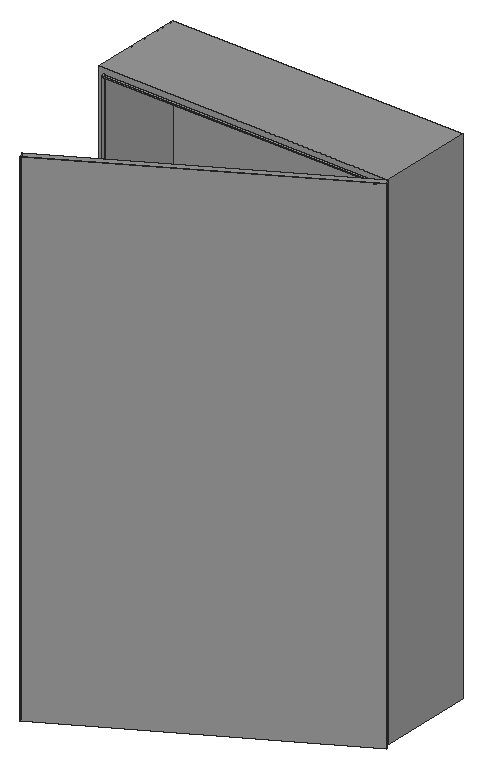
Revit family "Hager-Univers-IP55-D275-H1400-Cl.I-Steel_encl-NoHosted-CH-en", category Equipement électrique, Revit 2020
Family settings
  Configuration du panneau = Deux colonnes, circuits au sein
  Cote de connecteur circulaire = Utiliser le diamètre
  Type d'élément = Tableau de raccordement
  Basée sur le plan de construction = Oui
  Toujours verticalement = Oui
  Couper avec des vides une fois chargée = Non
  Partagée = Non
  Point de calcul de pièce = Non
Parameters (values of type "Surface mounted (plaster) IP55 W800 H1400 D275  - FR93E")
  Width Control [instance] = if([EF000008 - Width] > Min Width, [EF000008 - Width], Min Width)  # 800 mm
  Commentaires du type = [HG000003 - Range]  # "Univers"
  Thickness Door [instance] = if([EF009171 - Material plate thickness door/cover] > 3 mm, 3 mm, [EF009171 - Material plate thickness door/cover])  # 1.5 mm
  Seal Frame Offset [instance] = 17 mm  # constant formula
  Plinth Visibility [instance] = [HG000027 - Plinth height] > 0 mm  # no
  Min Width [instance] = 100 mm  # constant formula
  Min Depth [instance] = (2 * [EF009170 - Material plate thickness cabinet]) + 1 mm  # 4 mm
  Min Height [instance] = 100 mm  # constant formula
  Internal Frame Depth [instance] = (Door System Depth * 0.5)  # 9 mm
  Panel Name [instance] = ""  # (empty or 0)
  Model = ""
  HG000027 - Plinth height = 0 mm
  HG000026 - Floor standing = no
  HG000024 - Bottom section height = 600 mm
  HG000023 - Double section enclosure = no
  HG000016 - Door 3d visibility [instance] = yes
  HG000015 - Clearance visibility [instance] = no
  HG000014 - Door on the right [instance] = yes
  HG000013 - Door on the left [instance] = not([HG000014 - Door on the right])  # no
  HG000012 - Door swing angle [instance] = 30.00°
  HG000010 - Asymmetric doors = no
  HG000009 - Double swing door = no
  HG000006 - Flush mounted = no
  HG000004 - Manufacturer reference = "FR93E"
  HG000003 - Range = "Univers"
  HG000002 - With door or cover = yes
  Frame Offset Bottom [instance] = 10 mm  # constant formula
  Frame Offset [instance] = 15 mm  # constant formula
  EF015940 - Cover with overpressure release = no
  EF011959 - Degree of protection (NEMA) = ""
  EF009554 - Number of openings for flange plates = 6
  EF009212 - Cover model = "EV000116 - Closed"
  EF009171 - Material plate thickness door/cover = 1.5 mm
  EF009170 - Material plate thickness cabinet = 1.5 mm
  EF008873 - Nominal current (In) = 800 A
  EF007800 - Suitable for lightning protection = no
  EF006306 - With lock = no
  EF006244 - Transparent cover/door = no
  EF005474 - Degree of protection (IP) = "EV006420 - IP55"
  EF004464 - Type of door = "EV002646 - Single"
  EF004427 - Number of modules = 324
  EF004293 - Impact strength = "EV008784 - IK10"
  EF003532 - Suitable for outdoor use = no
  EF002950 - Width in number of modular spacings = 24
  EF001613 - Circuit integrity = "EV000494 - None"
  EF001596 - Material housing = "EV000179 - Steel"
  EF001131 - Internal depth = 275 mm
  EF001088 - Extension possible = yes
  EF000437 - Number of conduit inlets = 6
  EF000339 - Type of cover = "EV004216 - Door"
  EF000266 - Number of rows = 9
  EF000218 - Built-in depth = 0 mm
  EF000118 - With mounting plate = no
  EF000116 - RAL-number = "7035"
  EF000049 - Depth = 275 mm
  EF000040 - Height = 1400 mm
  EF000008 - Width = 800 mm
  EF000007 - Colour = "EV000270 - Grey"
  EF000003 - Mounting method = "EV000384 - Surface mounted (plaster)"
  Door System Leaf Tolerance [instance] = 1.5 mm  # constant formula
  Door System Depth [instance] = 18 mm  # constant formula
  Door Height [instance] = Height Control - [HG000027 - Plinth height]  # 1400 mm
  Description = ""
  Default Elevation = 1219.2 mm
  Connector Offset [instance] = Height Control / 2  # 700 mm
  Fabricant = "Hager"  # constant formula
  Height Control [instance] = if([EF000040 - Height] > Min Height, [EF000040 - Height], Min Height)  # 1400 mm
  Depth Control [instance] = if([EF000049 - Depth] > Min Depth, [EF000049 - Depth], Min Depth)  # 275 mm
  Bottom Top Plate Trim [instance] = 1.5 mm  # constant formula
  Plinth height Ctrl [instance] = if([HG000027 - Plinth height] > 0 mm, [HG000027 - Plinth height], 12 mm)  # 12 mm
Types (5, lengths in mm): name | Width Control | HG000010 - Asymmetric doors | HG000009 - Double swing door | HG000004 - Manufacturer reference | EF009554 - Number of openings for flange plates | EF004464 - Type of door | EF004427 - Number of modules | EF000437 - Number of conduit inlets | EF000008 - Width
  Surface mounted (plaster) IP55 W1050 H1400 D275  - FR94E | 1050 | no | yes | "FR94E" | 8 | "EV003602 - Double" | 432 | 8 | 1050
  Surface mounted (plaster) IP55 W1300 H1400 D275  - FR95E | 1300 | yes | yes | "FR95E" | 10 | "EV003602 - Double" | 540 | 10 | 1300
  Surface mounted (plaster) IP55 W300 H1400 D275  - FR91E | 300 | no | no | "FR91E" | 2 | "EV002646 - Single" | 108 | 2 | 300
  Surface mounted (plaster) IP55 W550 H1400 D275  - FR92E | 550 | no | no | "FR92E" | 4 | "EV002646 - Single" | 216 | 4 | 550
  Surface mounted (plaster) IP55 W800 H1400 D275  - FR93E | 800 | no | no | "FR93E" | 6 | "EV002646 - Single" | 324 | 6 | 800
Reference planes
  plane 1 "Center (Front/Back)": y = 0
  plane 2: z = 0
  plane 3 "Center (Left/Right)": x = 0
  plane 4: y = 0
  plane 5: y = 0
  plane 6: z = 0
  plane 7: x = -400
  plane 8: x = 400
  plane 9: x = 398.5
  plane 10: x = -398.5
  plane 11: z = 0
  plane 12: z = 1.5
  plane 13: y = -275
  plane 14: y = -1.5
  plane 15: x = 0
  plane 16: y = -257
  plane 17: y = -273.5
  plane 18: y = -255.5
  plane 19: x = -383.5
  plane 20: x = 383.5
  plane 21: z = 11.5
  plane 22: x = -383
  plane 23: x = 383
  plane 24: z = 0
  plane 25: z = 1400
  plane 26: z = 1400
  plane 27: z = 1383.5
  plane 28: z = 1398.5
Forms (mm)
  Extrusion 1, solid, material "Hager_Steel_RAL7035_Light_Grey", detail levels medium+fine
    sketch origin (-208.679, -4572, 0) x (-1, 0, 0) y (0, -1, 0)
      loop
        line (191.321, -4315) -> (-608.679, -4315) -> (-608.679, -4572) -> (191.321, -4572) -> (191.321, -4315)
    from 0 to 1400
  Extrusion 2, void
    sketch origin (-350.771, -275, 1219.2) x (1, 0, 0) y (0, 0, 1)
      loop
        line (-47.729, 179.3) -> (-47.729, -1217.7) -> (749.271, -1217.7) -> (749.271, 179.3) -> (-47.729, 179.3)
    from -19.5 to -273.5
  Extrusion 3, void
    sketch origin (-290.084, -257, 1219.2) x (1, 0, 0) y (0, 0, 1)
      loop
        line (-93.416, -1207.7) -> (673.584, -1207.7) -> (673.584, 164.3) -> (-93.416, 164.3) -> (-93.416, -1207.7)
    from 0 to -1.5
  Extrusion 4, solid, material "Hager_Steel_RAL7035_Light_Grey", visible <- "Plinth Visibility", detail levels medium+fine
    sketch origin (0, 0, 0) x (1, 0, 0) y (0, 1, 0)
      loop
        line (-400, 0) -> (-400, -257) -> (400, -257) -> (400, 0) -> (-400, 0)
    from 0 to 12 <- "Plinth height Ctrl"
  Extrusion 5, solid, material "Hager_Steel_RAL7035_Light_Grey", detail levels coarse
    sketch origin (0, 0, 0) x (1, 0, 0) y (0, 1, 0)
      loop
        line (-400, 0) -> (-400, -275) -> (400, -275) -> (400, 0) -> (-400, 0)
    from 0 to 1400 <- "Height Control"
  Sweep 6, void
    path in 3D
      loop
        line (-400, -257, 12) -> (400, -257, 12) -> (400, 0, 12) -> (-400, 0, 12) -> (-400, -257, 12)
    profile origin (-400, -128.5, 12) x (1, 0, 0) y (0, 0, 1)
      loop
        line (0, 0) -> (0, -1.5) -> (1.5, -1.5)
        arc (1.5, -1.5) -> (1.061, -0.439) -> (0, 0) r 1.5
  Extrusion 7, solid, material "Hager_Steel_RAL7035_Light_Grey", detail levels fine
    sketch origin (-400, -257, 0) x (1, 0, 0) y (0, 0, 1)
      loop
        line (16.5, 11.5) -> (783.5, 11.5) -> (783.5, 1383.5) -> (16.5, 1383.5) -> (16.5, 11.5)
      loop
        line (15, 10) -> (785, 10) -> (785, 1385) -> (15, 1385) -> (15, 10)
    from 0 to 9 <- "Internal Frame Depth"
Cuts and joins
  Extrusion 2, Extrusion 3 cuts Extrusion 1
  Sweep 6 cuts Extrusion 4
Lines and regions (mm)
  Masking region 1
    outline origin (0, 0, 0) x (1, 0, 0) y (0, 1, 0)
      loop
        line (-400, 0) -> (-400, -275) -> (400, -275) -> (400, 0) -> (-400, 0)
  Masking region 2, detail levels coarse
    outline origin (-290.084, -257, 1219.2) x (-1, 0, 0) y (0, 0, 1)
      loop
        line (-690.084, -1219.2) -> (109.916, -1219.2) -> (109.916, 180.8) -> (-690.084, 180.8) -> (-690.084, -1219.2)
  Masking region 3, detail levels coarse
    outline origin (0, 0, 0) x (0, 1, 0) y (0, 0, 1)
      loop
        line (0, 0) -> (0, 1400) -> (-275, 1400) -> (-275, 0) -> (0, 0)
  Masking region 4, visible <- "Plinth Visibility", detail levels medium+fine
    outline origin (0, 0, 0) x (0, 1, 0) y (0, 0, 1)
      loop
        line (-1.5, 12) -> (-255.5, 12)
        arc (-255.5, 12) -> (-255.939, 10.939) -> (-257, 10.5) r 1.5
        line (-257, 10.5) -> (-257, 0) -> (0, 0) -> (0, 10.5)
        arc (0, 10.5) -> (-1.061, 10.939) -> (-1.5, 12) r 1.5
  Masking region 5, detail levels medium+fine
    outline origin (0, 0, 594.038) x (0, 1, 0) y (0, 0, 1)
      loop
        line (0, -594.038) -> (0, 805.962) -> (-257, 805.962) -> (-257, -594.038) -> (0, -594.038)
  Masking region 6, detail levels medium+fine
    outline origin (-359.7, -257, 1211.883) x (-1, 0, 0) y (0, 0, 1)
      loop
        line (-759.7, -1211.883) -> (40.3, -1211.883) -> (40.3, 188.117) -> (-759.7, 188.117) -> (-759.7, -1211.883)
  Masking region 7, visible <- "Plinth Visibility", detail levels medium+fine
    outline origin (-320.334, -257, 1041.368) x (-1, 0, 0) y (0, 0, 1)
      loop
        line (-720.334, -1041.368) -> (79.666, -1041.368) -> (79.666, -1030.868)
        arc (79.666, -1030.868) -> (78.606, -1030.429) -> (78.166, -1029.368) r 1.5
        line (78.166, -1029.368) -> (-718.834, -1029.368)
        arc (-718.834, -1029.368) -> (-719.273, -1030.429) -> (-720.334, -1030.868) r 1.5
        line (-720.334, -1030.868) -> (-720.334, -1041.368)
  sketch lines
    curve 1: line (-400, 0, 12) -> (-400, -257, 12)
    curve 2: line (-400, -257, 12) -> (400, -257, 12)
    curve 3: line (400, 0, 12) -> (-400, 0, 12)
    curve 4: line (400, -257, 12) -> (400, 0, 12)
Dimensions and locks
  locked: plane 1 "Center (Front/Back)" to plane 5
  "EF009170 - Material plate thickness cabinet": plane 7 to plane 10
  "EF009170 - Material plate thickness cabinet": plane 8 to plane 9
  equal spacing: plane 7, plane 3 "Center (Left/Right)", plane 8
  "Width Control": plane 7 to plane 8
  "Depth Control": plane 4 to plane 13
  "EF009170 - Material plate thickness cabinet": plane 4 to plane 14
  "Height Control": plane 25 to level
  "HG000027 - Plinth height": plane 11 to level
  "EF009170 - Material plate thickness cabinet": plane 12 to plane 11
  "EF009170 - Material plate thickness cabinet": plane 17 to plane 13
  "EF009170 - Material plate thickness cabinet": plane 18 to plane 16
  "Frame Offset Bottom": plane 21 to plane 12
  "Frame Offset": plane 10 to plane 19
  "Frame Offset": plane 9 to plane 20
  "Door System Depth": plane 16 to plane 13
  "Seal Frame Offset": plane 7 to plane 22
  "Seal Frame Offset": plane 8 to plane 23
  "EF009170 - Material plate thickness cabinet": plane 26 to plane 28
  "Frame Offset": plane 28 to plane 27
  "Connector Offset": plane 2 to connector elem
  "Bottom Top Plate Trim": profile plane to Sweep 6 sketch curve
  "Bottom Top Plate Trim": Sweep 6 sketch curve to Sweep 6 sketch curve
  "Plinth height Ctrl": Masking region 4 sketch curve to level
  "Plinth height Ctrl": Masking region 7 sketch curve to level
  "Thickness Door": Extrusion 7 sketch curve to Extrusion 7 sketch curve  (x4)
  "Bottom Top Plate Trim": radius of Sweep 6 sketch curve
  "Bottom Top Plate Trim": radius of Masking region 4 sketch curve  (x2)
  "Bottom Top Plate Trim": radius of Masking region 7 sketch curve  (x2)
  aligned and locked: Extrusion 2 sketch curve to plane 12
  aligned and locked: Extrusion 2 sketch curve to plane 9
  aligned and locked: Extrusion 2 sketch curve to plane 10
  aligned and locked: Extrusion 2 to plane 14
  aligned and locked: Extrusion 1 sketch curve to plane 4
  aligned and locked: plane 8 to Extrusion 1 sketch curve
  aligned and locked: plane 7 to Extrusion 1 sketch curve
  aligned and locked: Extrusion 2 to plane 18
  aligned and locked: Extrusion 3 sketch curve to plane 19
  aligned and locked: plane 20 to Extrusion 3 sketch curve
  aligned and locked: Extrusion 3 to Extrusion 2
  aligned and locked: Extrusion 3 sketch curve to plane 21
  aligned and locked: plane 3 "Center (Left/Right)" to nested 1
  aligned and locked: Extrusion 1 sketch curve to plane 16
  aligned and locked: Extrusion 4 sketch curve to cut or joined group of Extrusion 1, Extrusion 2, Extrusion 3
  aligned and locked: Masking region 1 sketch curve to plane 7
  aligned and locked: Masking region 1 sketch curve to plane 5
  aligned and locked: Masking region 1 sketch curve to plane 8
  aligned and locked: Masking region 2 sketch curve to level
  aligned and locked: level to Masking region 3 sketch curve
  aligned and locked: plane 1 "Center (Front/Back)" to Masking region 3 sketch curve
  aligned and locked: plane 13 to Masking region 3 sketch curve
  aligned and locked: plane 5 to Masking region 4 sketch curve
  aligned and locked: Masking region 2 sketch curve to plane 8
  aligned and locked: Masking region 2 sketch curve to plane 7
  aligned and locked: plane 7 to nested 2
  aligned and locked: nested 2 to plane 5
  aligned and locked: plane 5 to Masking region 5 sketch curve
  aligned and locked: plane 26 to Masking region 5 sketch curve
  aligned and locked: Extrusion 5 sketch curve to plane 8
  aligned and locked: Extrusion 5 sketch curve to plane 7
  aligned and locked: Extrusion 5 sketch curve to plane 5
  aligned and locked: Extrusion 3 sketch curve to plane 27
  aligned and locked: Extrusion 2 sketch curve to plane 28
  aligned and locked: Masking region 2 to plane 25
  aligned and locked: Extrusion 4 to plane 16
  aligned and locked: profile plane to Sweep 6 sketch curve
  aligned and locked: Masking region 5 sketch curve to plane 24
  aligned and locked: level to Masking region 4 sketch curve
  aligned and locked: Masking region 1 to plane 13
  aligned and locked: nested 1 to plane 16
  aligned and locked: Masking region 3 to plane 25
  aligned and locked: plane 16 to Masking region 4 sketch curve
  aligned and locked: Masking region 5 sketch curve to plane 16
  aligned and locked: plane 24 to plane 11
  aligned and locked: plane 26 to plane 25
  aligned and locked: plane 26 to cut or joined group of Extrusion 1, Extrusion 2, Extrusion 3
  aligned and locked: nested 1 to plane 24
  aligned and locked: Extrusion 1 to Extrusion 3
  aligned and locked: Masking region 6 sketch curve to plane 8
  aligned and locked: Masking region 6 sketch curve to plane 24
  aligned and locked: Masking region 6 sketch curve to plane 7
  aligned and locked: Masking region 6 sketch curve to plane 26
  aligned and locked: Masking region 7 sketch curve to plane 7
  aligned and locked: level to Masking region 7 sketch curve
  aligned and locked: Masking region 7 sketch curve to plane 8
  aligned and locked: Extrusion 7 sketch curve to cut or joined group of Extrusion 1, Extrusion 2, Extrusion 3  (x4)
Automatic sketch dimensions
  plane 19 to Extrusion 3 sketch curve = 0 mm
  Extrusion 3 sketch curve to plane 20 = 0 mm
  Extrusion 3 sketch curve to plane 21 = 0 mm
  Extrusion 4 sketch curve to plane 7 = 0 mm
  Extrusion 4 sketch curve to plane 8 = 0 mm
  Extrusion 4 sketch curve to plane 16 = 0 mm
  Masking region 1 sketch curve to plane 13 = 0 mm
  Masking region 2 sketch curve to plane 25 = 0 mm
  Masking region 3 sketch curve to plane 25 = 0 mm
  Extrusion 5 sketch curve to plane 13 = 0 mm
  profile plane to Sweep 6 sketch curve = 0 mm
Nested families
  nested 1: "EC000058_Univers_Door" at (0, -257, 0), Double <- "HG000009 - Double swing door", Transparent <- "EF006244 - Transparent cover/door", Angle <- "HG000012 - Door swing angle", Door_Right <- "HG000014 - Door on the right", Assymetrical <- "HG000010 - Asymmetric doors", Door <- "HG000002 - With door or cover", Width_Ctrl <- "Width Control", 3d_Door <- "HG000016 - Door 3d visibility", Clearance <- "HG000015 - Clearance visibility", Door_Left <- "HG000013 - Door on the left", Width <- "Width Control", Door_Depth <- "Door System Depth", Leaf_Tolerance <- "Door System Leaf Tolerance", Height <- "Door Height", Lock_Visibility <- "EF006306 - With lock", Thickness <- "Thickness Door", type "EC000058_Univers_Door", detail levels medium+fine
    with min_wh 4 mm, Width_Ctrl 800 mm, Width 800 mm, Transparent no, Thickness 1.5 mm, Seal_Material Hager_Rubber, Lock_Visibility no, Lock_Material Hager_Plastic_RAL9005_Jet_Black, Leaf_Width 800 mm, Leaf_Tolerance_External_Sides 0 mm, Leaf_Tolerance 1.5 mm, Leaf_Offset 0 mm, Leaf_Height 1397 mm, Leaf_2_Width 800 mm, Leaf_2_Offset 400 mm, Leaf_1_Width 800 mm, Leaf_1_Offset 400 mm, Height_Ctrl 1400 mm, Height 1400 mm, Glass_Material Hager_Glass, Double_Clearance_Ctrl no, Double no, Door_Right_Ctrl yes, Door_Right yes, Door_Material Hager_Steel_RAL7035_Light_Grey, Door_Left_Ctrl no, Door_Left no, Door_Depth 18 mm, Door yes, Clearance_Material Hager_Clearance, Clearance_Depth 800 mm, Clearance_Ctrl no, Clearance no, Assymetrical no, Angle 30.00°, 3d_Door yes
  nested 2: "Hager_Enclosure_Symbol" at (-400, 0, 0), Height <- "Depth Control", Width <- "Width Control", type "Hager_Enclosure_Symbol"
    with Width_Ctrl 800 mm, Width 800 mm, Height_Ctrl 275 mm, Height 275 mm, A_Width_Int 18.047 mm, A_Width 216.562 mm, A_Height_Ctrl 240.625 mm, A_Height 240.625 mm
Connectors
  electrical at (0, 0, 700)
    settings: on plane 1 "Center (Front/Back)", index 1, voltage 0 V, apparent load 0 VA, apparent load phase1 0 VA, apparent load phase2 0 VA, apparent load phase3 0 VA, power factor 1, load classification "Other", number of poles 1, system type 30, power factor state 1, is connector primary yes, connector utility no, sub classification motor no, connector description ""
Definition of nested family "EC000058_Univers_Door"
  Parameters (values of type "EC000058_Univers_Door")
    min_wh [instance] = (2 * Thickness) + 1 mm  # 11 mm
    Width_Ctrl [instance] = 400 mm
    Width [instance] = 500 mm
    Transparent [instance] = yes
    Thickness [instance] = 5 mm
    Seal_Material [instance] = none
    Lock_Visibility [instance] = yes
    Lock_Material [instance] = none
    Leaf_Width [instance] = if((Width_Ctrl - 2 * Leaf_Tolerance_External_Sides) > 0 mm, (Width_Ctrl - 2 * Leaf_Tolerance_External_Sides), min_wh)  # 400 mm
    Leaf_Tolerance_External_Sides [instance] = 0 mm  # constant formula
    Leaf_Tolerance [instance] = 1.5 mm
    Leaf_Offset [instance] = 0 mm  # constant formula
    Leaf_Height [instance] = if((Height_Ctrl - 2 * Leaf_Tolerance) > 0 mm, (Height_Ctrl - 2 * Leaf_Tolerance), min_wh)  # 497 mm
    Leaf_2_Width [instance] = if(and(and(Double, Assymetrical), Door_Left), (Leaf_Width / 3) - (Leaf_Tolerance / 2), if(and(and(Double, Assymetrical), Door_Right), (Leaf_Width / 3) * 2 - (Leaf_Tolerance / 2), if(and(Double, not(Assymetrical)), (Leaf_Width / 2) - Leaf_Tolerance, Leaf_Width)))  # 400 mm
    Leaf_2_Offset [instance] = if(and(Double, Assymetrical), Leaf_2_Width / 2, if(and(Double, not(Assymetrical)), Leaf_Width / 4, Leaf_Width / 2))  # 200 mm
    Leaf_1_Width [instance] = if(and(and(Double, Assymetrical), Door_Right), (Leaf_Width / 3) - (Leaf_Tolerance / 2), if(and(and(Double, Assymetrical), Door_Left), (Width / 3) * 2 - (Leaf_Tolerance / 2), if(and(Double, not(Assymetrical)), (Leaf_Width / 2) - Leaf_Tolerance, Leaf_Width)))  # 400 mm
    Leaf_1_Offset [instance] = if(and(Double, Assymetrical), Leaf_1_Width / 2, if(and(Double, not(Assymetrical)), Leaf_Width / 4, Leaf_Width / 2))  # 200 mm
    Height_Ctrl [instance] = if(Height > min_wh, Height, min_wh)  # 500 mm
    Height [instance] = 500 mm
    Glass_Material [instance] = none
    Double_Clearance_Ctrl [instance] = and(Double, Clearance)  # no
    Double [instance] = no
    Door_Right_Ctrl [instance] = and(or(Door_Right, Double), Door)  # yes
    Door_Right [instance] = yes
    Door_Material [instance] = none
    Door_Left_Ctrl [instance] = and(or(Door_Left, Double), Door)  # no
    Door_Left [instance] = no
    Door_Depth [instance] = 30 mm
    Door [instance] = yes
    Default Elevation = 1219.2 mm
    Clearance_Material [instance] = none
    Clearance_Depth [instance] = if(Leaf_1_Width > Leaf_2_Width, Leaf_1_Width, Leaf_2_Width)  # 400 mm
    Clearance_Ctrl [instance] = and(not(Double), Clearance)  # yes
    Clearance [instance] = yes
    Assymetrical [instance] = yes
    Angle [instance] = 30.00°
    3d_Door [instance] = yes
  Reference planes
    plane 1 "Center (Front/Back)": y = 0
    plane 2 "Bottom": z = 0
    plane 3 "Center (Left/Right)": x = 0
    plane 4: z = 500
    plane 5: x = -200
    plane 6: x = 200
    plane 7: z = 500
    plane 8: x = -200
    plane 9: z = 0
    plane 10: x = 200
    plane 11: y = 0
    plane 12: z = 1.5
    plane 13: x = -600
    plane 14: y = -400
    plane 15: x = 600
    plane 16: x = 0
    plane 17: x = 0
    plane 18: x = -200
    plane 19: x = 200
    plane 20: z = 498.5
  Forms (mm)
    Extrusion 1, solid, material <- "Clearance_Material", visible <- "Double_Clearance_Ctrl"
      sketch origin (1200, 0, 0) x (1, 0, 0) y (0, 0, -1)
        loop
          line (-1800, -498.5) -> (-600, -498.5) -> (-600, 0) -> (-1800, 0) -> (-1800, -498.5)
      from 0 to -400
  Dimensions and locks
    equal spacing: plane 5, plane 3 "Center (Left/Right)", plane 6
    "Width_Ctrl": plane 5 to plane 6
    "Leaf_Offset": plane 5 to plane 8
    "Leaf_Offset": plane 6 to plane 10
    "Leaf_Offset": plane 9 to level
    "Leaf_Offset": plane 4 to plane 7
    "Height_Ctrl": plane 4 to level
    "Leaf_Tolerance": plane 12 to plane 9
    locked: plane 11 to plane 1 "Center (Front/Back)"
    "Leaf_1_Offset": plane 18 to plane 16
    "Leaf_2_Offset": plane 17 to plane 19
    "Leaf_1_Width": plane 13 to plane 8
    "Leaf_2_Width": plane 10 to plane 15
    "Clearance_Depth": plane 14 to plane 1 "Center (Front/Back)"
    "Leaf_Tolerance_External_Sides": plane 8 to plane 18
    "Leaf_Tolerance_External_Sides": plane 19 to plane 10
    "Leaf_Tolerance": plane 7 to plane 20
    aligned and locked: level to plane 2 "Bottom"
    aligned and locked: nested 1 to plane 16
    aligned and locked: nested 2 to plane 17
    aligned and locked: Extrusion 1 to plane 13
    aligned and locked: plane 15 to Extrusion 1
    aligned and locked: Extrusion 1 to plane 14
    aligned and locked: plane 12 to nested 1
    aligned and locked: nested 2 to plane 12
    aligned and locked: Extrusion 1 to plane 11
    aligned and locked: plane 20 to Extrusion 1
    aligned and locked: nested 2 to plane 11
    aligned and locked: nested 1 to plane 11
  Automatic sketch dimensions
    Extrusion 1 sketch curve to level = 0 mm
    plane 5 to Extrusion 1 sketch curve = 400 mm
    plane 6 to Extrusion 1 sketch curve = 400 mm
    Extrusion 1 sketch curve to plane 4 = 1.5 mm
  Nested families
    nested 1: "EC000058_Univers_Door_Leaf" at (0, 0, 1.5), Width <- "Leaf_1_Width", visible <- "Door_Left_Ctrl", Leaf_Height <- "Leaf_Height", Angle <- "Angle", 3d_Door <- "3d_Door", Transparent <- "Transparent", Clearance Material <- "Clearance_Material", Clearance <- "Clearance_Ctrl", Door_Material <- "Door_Material", Glass_Material <- "Glass_Material", Door_Depth <- "Door_Depth", Lock_Material <- "Lock_Material", Seal_Material <- "Seal_Material", Lock_Visibility <- "Lock_Visibility", Thickness <- "Thickness", type "EC000058_Univers_Door_Leaf"
      with Width 400 mm, Transparent_Glass_Offset 30 mm, Transparent_Ctrl yes, Transparent yes, Thickness 5 mm, Standard no, Seal_Material none, Seal_D2 8 mm, Seal_D1 1 mm, Offset_Internal_Frame 10 mm, Lock_Width 20 mm, Lock_Visibility_3d yes, Lock_Visibility yes, Lock_Thickness_3 3 mm, Lock_Thickness_2 1 mm, Lock_Thickness_1 3 mm, Lock_Radius_Offset_2 16 mm, Lock_Radius_Offset_1 15 mm, Lock_Radius_2 5 mm, Lock_Radius 6 mm, Lock_Offset 5 mm, Lock_Material none, Lock_Height 80 mm, Lock_Cover_Top_Offset_2d 17 mm, Lock_Cover_Height -65 mm, Leaf_Height 497 mm, Internal_Seal_Thickness 8 mm, Internal_Seal_Depth_2 4.5 mm, Internal_Frame_Depth 25 mm, Glass_Thickness -1 mm, Glass_Offset -2 mm, Glass_Material none, Door_Material none, Door_Depth 30 mm, Clearance Material none, Clearance yes, Angle_Ctrl 30.00°, Angle 30.00°, 3d_Door yes
    nested 2: "EC000058_Univers_Door_Leaf" at (0, 0, 1.5) x (-1, 0, 0) z (0, 0, 1), Width <- "Leaf_2_Width", visible <- "Door_Right_Ctrl", Leaf_Height <- "Leaf_Height", Angle <- "Angle", 3d_Door <- "3d_Door", Transparent <- "Transparent", Clearance Material <- "Clearance_Material", Clearance <- "Clearance_Ctrl", Door_Material <- "Door_Material", Glass_Material <- "Glass_Material", Door_Depth <- "Door_Depth", Lock_Material <- "Lock_Material", Seal_Material <- "Seal_Material", Lock_Visibility <- "Lock_Visibility", Thickness <- "Thickness", type "EC000058_Univers_Door_Leaf"
      with Width 400 mm, Transparent_Glass_Offset 30 mm, Transparent_Ctrl yes, Transparent yes, Thickness 5 mm, Standard no, Seal_Material none, Seal_D2 8 mm, Seal_D1 1 mm, Offset_Internal_Frame 10 mm, Lock_Width 20 mm, Lock_Visibility_3d yes, Lock_Visibility yes, Lock_Thickness_3 3 mm, Lock_Thickness_2 1 mm, Lock_Thickness_1 3 mm, Lock_Radius_Offset_2 16 mm, Lock_Radius_Offset_1 15 mm, Lock_Radius_2 5 mm, Lock_Radius 6 mm, Lock_Offset 5 mm, Lock_Material none, Lock_Height 80 mm, Lock_Cover_Top_Offset_2d 17 mm, Lock_Cover_Height -65 mm, Leaf_Height 497 mm, Internal_Seal_Thickness 8 mm, Internal_Seal_Depth_2 4.5 mm, Internal_Frame_Depth 25 mm, Glass_Thickness -1 mm, Glass_Offset -2 mm, Glass_Material none, Door_Material none, Door_Depth 30 mm, Clearance Material none, Clearance yes, Angle_Ctrl 30.00°, Angle 30.00°, 3d_Door yes
  Definition of nested family "EC000058_Univers_Door_Leaf"
    Parameters (values of type "EC000058_Univers_Door_Leaf")
      Width [instance] = 2000 mm
      Transparent_Glass_Offset [instance] = 30 mm
      Transparent_Ctrl [instance] = and(Transparent, [3d_Door])  # yes
      Transparent [instance] = yes
      Thickness [instance] = 5 mm
      Standard [instance] = and(not(Transparent), [3d_Door])  # no
      Seal_Material [instance] = none
      Seal_D2 [instance] = 8 mm  # constant formula
      Seal_D1 [instance] = 1 mm  # constant formula
      Offset_Internal_Frame [instance] = 10 mm  # constant formula
      Lock_Width [instance] = 20 mm  # constant formula
      Lock_Visibility_3d [instance] = and(Lock_Visibility, [3d_Door])  # yes
      Lock_Visibility [instance] = yes
      Lock_Thickness_3 [instance] = 3 mm  # constant formula
      Lock_Thickness_2 [instance] = 1 mm  # constant formula
      Lock_Thickness_1 [instance] = 3 mm  # constant formula
      Lock_Radius_Offset_2 [instance] = Lock_Radius_Offset_1 + 1 mm  # 16 mm
      Lock_Radius_Offset_1 [instance] = 15 mm  # constant formula
      Lock_Radius_2 [instance] = Lock_Radius - 1 mm  # 5 mm
      Lock_Radius [instance] = 6 mm  # constant formula
      Lock_Offset [instance] = 5 mm  # constant formula
      Lock_Material [instance] = none
      Lock_Height [instance] = 80 mm  # constant formula
      Lock_Cover_Top_Offset_2d [instance] = Lock_Radius_Offset_2 + 1 mm  # 17 mm
      Lock_Cover_Height [instance] = -(Lock_Height - Lock_Radius_Offset_1)  # -65 mm
      Leaf_Height [instance] = 2720.336 mm
      Internal_Seal_Thickness [instance] = 8 mm  # constant formula
      Internal_Seal_Depth_2 [instance] = 4.5 mm  # constant formula
      Internal_Frame_Depth [instance] = if(Door_Depth - Thickness > 5 mm, Door_Depth - Thickness, 5 mm)  # 25 mm
      Glass_Thickness [instance] = if(Thickness > 15 mm, Glass_Offset + 10 mm, -1 mm)  # -1 mm
      Glass_Offset [instance] = if(Thickness > 15 mm, -(Thickness + 10 mm) / 2, -2 mm)  # -2 mm
      Glass_Material [instance] = none
      Door_Material [instance] = none
      Door_Depth [instance] = 30 mm
      Default Elevation = 0 mm
      Clearance Material [instance] = none
      Clearance [instance] = yes
      Angle_Ctrl [instance] = if(Angle > 180.00°, 180.00°, Angle)  # 90.00°
      Angle [instance] = 90.00°
      3d_Door [instance] = yes
    Reference planes
      plane 1 "Center (Front/Back)": y = 0
      plane 2: z = 0
      plane 3 "Center (Left/Right)": x = 0
      plane 4: y = 2000
      plane 5: x = -1000
      plane 6: x = 1000
      plane 7: x = -3000
      plane 8: z = 2720.336
      plane 9: z = 30
      plane 10: z = 2690.336
      plane 11: x = 970
      plane 12: x = -970
      plane 13: y = -3
      plane 14: z = 107.833
      plane 15: y = -5
      plane 16: y = -223.314
      plane 17: x = -1000
      plane 18: z = 1360.168
      plane 19: y = 30
    Forms (mm)
      Extrusion 1, solid, material <- "Clearance Material", visible <- "Clearance"
        sketch origin (0, 0, 0) x (1, 0, 0) y (0, 0, 1)
          loop
            line (-3000, 2720.336) -> (-3000, 0) -> (1000, 0) -> (1000, 2720.336) -> (-3000, 2720.336)
        from 0 to -2000
      Extrusion 2, solid, material <- "Door_Material", visible <- "Standard", detail levels medium+fine
        sketch origin (-1000, 0, 0) x (0, 1, 0) y (-1, 0, 0)
          loop
            line (0, 30) -> (0, 25) -> (2000, 25) -> (2000, 30) -> (0, 30)
        from 0 to 2720.336 <- "Leaf_Height"
      Extrusion 3, solid, material <- "Door_Material", visible <- "Transparent_Ctrl", detail levels medium+fine
        sketch origin (-1000, 0, 0) x (0, 1, 0) y (-1, 0, 0)
          loop
            line (0, 25) -> (2000, 25) -> (2000, 30) -> (0, 30) -> (0, 25)
        from 0 to 2720.336 <- "Leaf_Height"
      Extrusion 4, void
        sketch origin (-1025, 2000, 0) x (0, 1, 0) y (0, 0, -1)
          loop
            line (-30, -2690.336) -> (-30, -30) -> (-1970, -30) -> (-1970, -2690.336) -> (-30, -2690.336)
        from 0 to 5 <- "Thickness"
      Sweep 5, solid, material <- "Seal_Material", visible <- "Transparent_Ctrl", detail levels fine
        path in 3D
          loop
            line (-1025, 30, 30) -> (-1025, 30, 2690.336) -> (-1025, 1970, 2690.336) -> (-1025, 1970, 30) -> (-1025, 30, 30)
        profile origin (-1025, 1000, 30) x (1, 0, 0) y (0, 0, 1)
          loop
            line (0, 0) -> (0, -8) -> (1, -8) -> (1, 0) -> (0, 0)
      Extrusion 6, solid, material <- "Glass_Material", visible <- "Transparent_Ctrl", detail levels medium+fine
        sketch origin (-1030, 0, 0) x (0, 1, 0) y (0, 0, -1)
          loop
            line (1970, -2690.336) -> (1970, -30) -> (30, -30) -> (30, -2690.336) -> (1970, -2690.336)
        from -2 <- "Glass_Offset" to -1 <- "Glass_Thickness"
      Extrusion 7, solid, material <- "Door_Material", visible <- "3d_Door", detail levels medium+fine
        sketch origin (-1025, 2000, 0) x (0, -1, 0) y (0, 0, -1)
          loop
            line (0, -2720.336) -> (2000, -2720.336) -> (2000, 0) -> (0, 0) -> (0, -2720.336)
          loop
            line (1995, -5) -> (5, -5) -> (5, -2715.336) -> (1995, -2715.336) -> (1995, -5)
        from 0 to 25 <- "Internal_Frame_Depth"
      Sweep 8, solid, material <- "Seal_Material", visible <- "Transparent_Ctrl", detail levels fine
        path in 3D
          loop
            line (-1025, 0, 0) -> (-1025, 2000, 0) -> (-1025, 2000, 2720.336) -> (-1025, 0, 2720.336) -> (-1025, 0, 0)
        profile origin (-1025, 0, 1360.168) x (1, 0, 0) y (0, 1, 0)
          loop
            line (0, 10) -> (2.975, 10)
            arc (2.975, 10) -> (4.053, 10.447) -> (4.5, 11.525) r 1.525
            line (4.5, 11.525) -> (4.5, 16.527)
            arc (4.5, 16.527) -> (4.069, 17.569) -> (3.027, 18) r 1.473
            line (3.027, 18) -> (0, 18) -> (0, 10)
      Extrusion 9, solid, material <- "Lock_Material", visible <- "Lock_Visibility_3d", detail levels fine
        sketch origin (-1030, 0, 0) x (0, 1, 0) y (0, 0, -1)
          loop
            arc (1993.5, -1400.168) -> (1994.561, -1399.729) -> (1995, -1398.668) r 1.5
            line (1995, -1398.668) -> (1995, -1320.168) -> (1975, -1320.168) -> (1975, -1398.668)
            arc (1975, -1398.668) -> (1975.439, -1399.729) -> (1976.5, -1400.168) r 1.5
            line (1976.5, -1400.168) -> (1993.5, -1400.168)
        from 3 <- "Lock_Thickness_1" to 0
      Blend 10, solid, material <- "Lock_Material", visible <- "Lock_Visibility_3d", detail levels fine
        base sketch origin (-1033, 0, 0) x (0, 1, 0) y (0, 0, -1)
          loop
            line (1975, -1320.168) -> (1975, -1398.668)
            arc (1975, -1398.668) -> (1975.439, -1399.729) -> (1976.5, -1400.168) r 1.5
            line (1976.5, -1400.168) -> (1993.5, -1400.168)
            arc (1993.5, -1400.168) -> (1994.561, -1399.729) -> (1995, -1398.668) r 1.5
            line (1995, -1398.668) -> (1995, -1320.168) -> (1975, -1320.168)
        top sketch origin (-1033, 0, 0) x (0, 1, 0) y (0, 0, -1)
          loop
            line (1976, -1320.168) -> (1976, -1398.668)
            arc (1976, -1398.668) -> (1976.146, -1399.022) -> (1976.5, -1399.168) r 0.5
            line (1976.5, -1399.168) -> (1993.5, -1399.168)
            arc (1993.5, -1399.168) -> (1993.854, -1399.022) -> (1994, -1398.668) r 0.5
            line (1994, -1398.668) -> (1994, -1320.168) -> (1976, -1320.168)
        from 0 to 1 <- "Lock_Thickness_2"
      Blend 11, solid, material <- "Lock_Material", visible <- "Lock_Visibility_3d", detail levels fine
        base sketch origin (-1034, 0, 0) x (0, 1, 0) y (0, 0, -1)
          loop
            line (1978, -1320.168) -> (1978, -1384.168)
            arc (1978, -1384.168) -> (1985, -1391.168) -> (1992, -1384.168) r 7
            line (1992, -1384.168) -> (1992, -1320.168) -> (1978, -1320.168)
        top sketch origin (-1034, 0, 0) x (0, 1, 0) y (0, 0, -1)
          loop
            line (1991, -1320.168) -> (1979, -1320.168) -> (1979, -1383.168)
            arc (1979, -1383.168) -> (1985, -1389.168) -> (1991, -1383.168) r 6
            line (1991, -1383.168) -> (1991, -1320.168)
        from 0 to 3 <- "Lock_Thickness_3"
      Extrusion 12, solid, material <- "Lock_Material", visible <- "Lock_Visibility_3d", detail levels fine
        sketch origin (-1030, 1975, 1320.168) x (1, 0, 0) y (0, -1, 0)
          loop
            line (-7, -19) -> (-7, -1) -> (0, -1) -> (0, 0) -> (-8, 0) -> (-8, -20) -> (0, -20) -> (0, -19) -> (-7, -19)
        from 0 to -65 <- "Lock_Cover_Height"
      Extrusion 13, void
        sketch origin (-1038, 1995, 1320.168) x (-1, 0, 0) y (0, 0, -1)
          loop
            line (-5, -65) -> (0, -65) -> (-5, -60) -> (-5, -65)
        from 0 to 20 <- "Lock_Width"
      Extrusion 14, void
        sketch origin (-1038, 1975, 1320.168) x (0, -1, 0) y (0, 0, -1)
          loop
            circle (-10, -15.995) r 6
          loop
            circle (-10, -15.995) r 5
        from 0 to 2
      Extrusion 15, solid, material <- "Lock_Material", visible <- "Lock_Visibility_3d", detail levels medium
        sketch origin (-1030, 0, 0) x (0, 1, 0) y (0, 0, -1)
          loop
            arc (1993.5, -1400.168) -> (1994.561, -1399.729) -> (1995, -1398.668) r 1.5
            line (1995, -1398.668) -> (1995, -1320.168) -> (1975, -1320.168) -> (1975, -1398.668)
            arc (1975, -1398.668) -> (1975.439, -1399.729) -> (1976.5, -1400.168) r 1.5
            line (1976.5, -1400.168) -> (1993.5, -1400.168)
        from 8 to 0
    Cuts and joins
      Extrusion 4 cuts Extrusion 3
      Extrusion 13, Extrusion 14 cuts Extrusion 9
      Extrusion 14 cuts Blend 11
      Extrusion 13, Extrusion 14 cuts Extrusion 12
      joined: Extrusion 9, Blend 10, Blend 11, Extrusion 12
      Extrusion 14 cuts Extrusion 15
    Lines and regions (mm)
      Masking region 1, visible <- "Lock_Visibility", detail levels fine
        outline origin (0, 0, 0) x (0, 1, 0) y (0, 0, 1)
          loop
            line (30, 1320.168) -> (33, 1320.168) -> (33, 1400.168) -> (30, 1400.168) -> (30, 1320.168)
      Masking region 2, visible <- "Lock_Visibility", detail levels fine
        outline origin (0, 3.143, 0) x (0, 1, 0) y (0, 0, 1)
          loop
            line (29.857, 1354.168) -> (30.857, 1354.168) -> (30.857, 1366.168) -> (29.857, 1366.168) -> (29.857, 1354.168)
      Masking region 3, detail levels medium+fine
        outline origin (0, 0, 0) x (0, 1, 0) y (0, 0, 1)
          loop
            line (0, 0) -> (30, 0) -> (30, 2720.336) -> (0, 2720.336) -> (0, 0)
      Masking region 4, detail levels medium+fine
        outline origin (0, 0, 0) x (1, 0, 0) y (0, 0, 1)
          loop
            line (-1000, 2720.336) -> (-1000, 0) -> (1000, 0) -> (1000, 2720.336) -> (-1000, 2720.336)
      Masking region 5, visible <- "Lock_Visibility", detail levels fine
        outline origin (-47.116, 0, 0) x (1, 0, 0) y (0, 0, 1)
          loop
            arc (1024.616, 1399.168) -> (1023.556, 1398.729) -> (1023.116, 1397.668) r 1.5
            line (1023.116, 1397.668) -> (1023.116, 1320.168) -> (1041.116, 1320.168) -> (1041.116, 1397.668)
            arc (1041.116, 1397.668) -> (1040.677, 1398.729) -> (1039.616, 1399.168) r 1.5
            line (1039.616, 1399.168) -> (1024.616, 1399.168)
      Masking region 6, visible <- "Lock_Visibility", detail levels medium+fine
        outline origin (-25, 0, 0) x (1, 0, 0) y (0, 0, 1)
          loop
            arc (1001.5, 1400.168) -> (1000.439, 1399.729) -> (1000, 1398.668) r 1.5
            line (1000, 1398.668) -> (1000, 1320.168) -> (1020, 1320.168) -> (1020, 1398.668)
            arc (1020, 1398.668) -> (1019.561, 1399.729) -> (1018.5, 1400.168) r 1.5
            line (1018.5, 1400.168) -> (1001.5, 1400.168)
      Masking region 7, visible <- "Lock_Visibility", detail levels fine
        outline origin (-73.735, 0, 0) x (1, 0, 0) y (0, 0, 1)
          loop
            line (1051.735, 1382.168) -> (1065.735, 1382.168) -> (1065.735, 1384.168)
            arc (1065.735, 1384.168) -> (1058.735, 1391.168) -> (1051.735, 1384.168) r 7
            line (1051.735, 1384.168) -> (1051.735, 1382.168)
      Masking region 8, visible <- "Lock_Visibility", detail levels fine
        outline origin (-73.735, 0, 0) x (1, 0, 0) y (0, 0, 1)
          loop
            line (1052.735, 1382.168) -> (1064.735, 1382.168) -> (1064.735, 1383.168)
            arc (1064.735, 1383.168) -> (1058.735, 1389.168) -> (1052.735, 1383.168) r 6
            line (1052.735, 1383.168) -> (1052.735, 1382.168)
      Masking region 9, visible <- "Lock_Visibility", detail levels fine
        outline origin (-25, 0, 0) x (1, 0, 0) y (0, 0, 1)
          loop
            line (1020, 1320.168) -> (1020, 1382.168) -> (1000, 1382.168) -> (1000, 1320.168) -> (1020, 1320.168)
      Masking region 10, detail levels medium+fine
        outline origin (0, 0, 0) x (1, 0, 0) y (0, 0, 1)
          loop
            circle (985, 1335.144) r 6
      Masking region 11, detail levels fine
        outline origin (0, 0, 0) x (1, 0, 0) y (0, 0, 1)
          loop
            circle (985, 1335.144) r 5
      Masking region 12, visible <- "Lock_Visibility", detail levels fine
        outline origin (0, 12.767, 0) x (0, 1, 0) y (0, 0, 1)
          loop
            line (20.233, 1320.168) -> (21.233, 1320.168) -> (21.233, 1399.168) -> (20.233, 1400.168) -> (20.233, 1320.168)
      Masking region 13, visible <- "Lock_Visibility", detail levels fine
        outline origin (0, 13.767, -10) x (0, 1, 0) y (0, 0, 1)
          loop
            line (20.233, 1330.168) -> (23.233, 1330.168) -> (23.233, 1399.168) -> (20.233, 1402.168) -> (20.233, 1330.168)
      Masking region 14, visible <- "Lock_Visibility", detail levels fine
        outline origin (0, 12.767, -10) x (0, 1, 0) y (0, 0, 1)
          loop
            line (20.233, 1330.168) -> (25.233, 1330.168) -> (25.233, 1399.305) -> (20.233, 1394.305) -> (20.233, 1330.168)
      Masking region 15, visible <- "Lock_Visibility", detail levels medium
        outline origin (0, 0, 0) x (0, 1, 0) y (0, 0, 1)
          loop
            line (30, 1320.168) -> (38, 1320.168) -> (38, 1400.168) -> (30, 1400.168) -> (30, 1320.168)
      Masking region 16, visible <- "Lock_Visibility", detail levels fine
        outline origin (-1000, 0, 0) x (0, 1, 0) y (-1, 0, 0)
          loop
            line (1975, 30) -> (1995, 30) -> (1995, 38) -> (1975, 38) -> (1975, 30)
          loop
            line (1979, 37) -> (1976, 37) -> (1976, 34) -> (1978, 34) -> (1979, 37)
          loop
            line (1994, 37) -> (1991, 37) -> (1992, 34) -> (1994, 34) -> (1994, 37)
      Masking region 17, visible <- "Lock_Visibility", detail levels medium
        outline origin (-1000, 0, 0) x (0, 1, 0) y (-1, 0, 0)
          loop
            line (1975, 30) -> (1995, 30) -> (1995, 38) -> (1975, 38) -> (1975, 30)
      symbolic lines
        curve 1: line (1000, 0, 0) -> (-3000, 0, 0)
        curve 2: arc (1000, 0, 0) -> (-1000, 2000, 0) -> (-3000, 0, 0) r 2000
        curve 4: line (-1030, 0, 0) -> (-1030, 2000, 0)
      reference lines
        curve 3: line (-1000, 0, 0) -> (-1000, 2000, 0)
      symbolic lines, detail levels medium+fine
        curve 5: line (-1030, 2000, 0) -> (-1025, 2000, 0)
        curve 7: line (-1025, 0, 0) -> (-1030, 0, 0)
        curve 8: line (-1025, 0, 0) -> (-1000, 0, 0)
        curve 9: line (-1000, 0, 0) -> (-1000, 2000, 0)
        curve 10: line (-1000, 2000, 0) -> (-1025, 2000, 0)
      symbolic lines, detail levels fine
        curve 6: line (-1025, 2000, 0) -> (-1025, 0, 0)
      sketch lines
        curve 11: line (-1025, 0, 2720.336) -> (-1025, 0, 0)
        curve 12: line (-1025, 2000, 0) -> (-1025, 0, 0)
        curve 13: line (-1025, 2000, 2720.336) -> (-1025, 2000, 0)
        curve 14: line (-1025, 0, 2720.336) -> (-1025, 2000, 2720.336)
        curve 15: line (-1025, 1970, 30) -> (-1025, 30, 30)
        curve 16: line (-1025, 30, 30) -> (-1025, 30, 2690.336)
        curve 17: line (-1025, 1970, 2690.336) -> (-1025, 1970, 30)
        curve 18: line (-1025, 30, 2690.336) -> (-1025, 1970, 2690.336)
      symbolic lines, visible <- "Transparent", detail levels medium+fine
        curve 19: line (-970, 0, 2690.336) -> (970, 0, 2690.336)
        curve 20: line (-970, 0, 30) -> (-970, 0, 2690.336)
        curve 21: line (970, 0, 30) -> (-970, 0, 30)
        curve 22: line (970, 0, 2690.336) -> (970, 0, 30)
    Dimensions and locks
      "Width": plane 1 "Center (Front/Back)" to plane 4
      equal spacing: plane 5, plane 3 "Center (Left/Right)", plane 6
      "Width": plane 5 to plane 6
      "Width": plane 7 to plane 5
      "Leaf_Height": plane 8 to level
      "Width": curve 5 to curve 3
      "Width": curve 3 to curve 3
      plane 8 to plane 10 = 30 mm
      plane 9 to level = 30 mm
      plane 12 to plane 5 = 30 mm
      plane 6 to plane 11 = 30 mm
      Extrusion 1 to Extrusion 4 sketch curve = 30 mm
      "Transparent_Glass_Offset": curve 3 to Extrusion 4 sketch curve
      "Transparent_Glass_Offset": Extrusion 4 sketch curve to cut or joined group of Extrusion 3, Extrusion 4  (x2)
      cut or joined group of Extrusion 3, Extrusion 4 to Extrusion 6 sketch curve = 30 mm
      "Transparent_Glass_Offset": cut or joined group of Extrusion 3, Extrusion 4 to Extrusion 4 sketch curve
      "Thickness": curve 6 to curve 4
      "Thickness": Extrusion 7 sketch curve to Extrusion 7 sketch curve  (x4)
      "Door_Depth": curve 4 to curve 3
      "Offset_Internal_Frame": profile plane to Sweep 8 sketch curve
      "Internal_Seal_Thickness": Sweep 8 sketch curve to Sweep 8 sketch curve
      "Internal_Seal_Depth_2": profile plane to Sweep 8 sketch curve
      "Seal_D1": profile plane to Sweep 5 sketch curve
      "Seal_D2": profile plane to Sweep 5 sketch curve
      "Thickness": Extrusion 2 sketch curve to Extrusion 2 sketch curve
      equal spacing: Extrusion 9 sketch curve, plane 18, Extrusion 9 sketch curve  (x2)
      equal spacing: Masking region 1 sketch curve, plane 18, Masking region 1 sketch curve
      "Lock_Height": Masking region 1 sketch curve to Masking region 1 sketch curve
      "Lock_Radius": Masking region 2 sketch curve to plane 18 to Masking region 2 sketch curve
      Masking region 2 sketch curve to Masking region 1 = 1 mm
      "Door_Depth": plane 19 to plane 1 "Center (Front/Back)"
      "Lock_Thickness_1": Masking region 1 sketch curve to plane 19
      "Lock_Width": Extrusion 9 sketch curve to Extrusion 9 sketch curve
      "Lock_Height": Extrusion 9 sketch curve to Extrusion 9 sketch curve
      "Lock_Offset": cut or joined group of Extrusion 3, Extrusion 4 to Extrusion 9 sketch curve
      equal spacing: plane 8, plane 18, level
      "Lock_Radius_Offset_1": Blend 11 sketch curve to Blend 10
      locked: Blend 10 to Blend 11 sketch curve at 2  (x2)
      locked: var sketch to Blend 11 sketch curve at 1  (x2)
      "Lock_Radius_Offset_2": Blend 11 sketch curve to Blend 10
      locked: Extrusion 12 sketch curve to Extrusion 12 sketch curve at 1  (x3)
      Masking region 6 sketch curve to Masking region 6 sketch curve = 80 mm
      "Lock_Height": Masking region 6 sketch curve to Masking region 6 sketch curve
      "Lock_Width": Masking region 6 sketch curve to Masking region 6 sketch curve
      locked: Masking region 6 to Masking region 5 sketch curve at 1  (x3)
      locked: Masking region 5 to Masking region 7 sketch curve at 2  (x2)
      "Lock_Radius_Offset_1": Masking region 5 to Masking region 7 sketch curve
      "Lock_Radius_Offset_2": Masking region 5 to Masking region 8 sketch curve
      locked: Masking region 7 to Masking region 8 sketch curve at 1  (x2)
      "Lock_Cover_Top_Offset_2d": Masking region 5 to Masking region 9 sketch curve
      equal spacing: Masking region 9, Masking region 10 sketch curve, Masking region 9
      equal spacing: Masking region 9, Masking region 11 sketch curve, Masking region 9
      Extrusion 15 sketch curve to Extrusion 15 sketch curve = 80 mm
      "Lock_Width": Extrusion 15 sketch curve to Extrusion 15 sketch curve
      "Lock_Height": Extrusion 15 sketch curve to Extrusion 15 sketch curve
      equal spacing: Extrusion 15 sketch curve, plane 18, Extrusion 15 sketch curve
      "Lock_Thickness_3": Masking region 13 sketch curve to Masking region 13 sketch curve
      "Lock_Height": Masking region 12 sketch curve to Masking region 12 sketch curve
      locked: Masking region 13 sketch curve to Masking region 1 at 8
      locked: Masking region 14 sketch curve to Masking region 13 at 1
      locked: Masking region 14 sketch curve to Masking region 1 at 10.863
      "Lock_Height": Masking region 15 sketch curve to Masking region 15 sketch curve
      "Lock_Offset": Extrusion 15 sketch curve to cut or joined group of Extrusion 3, Extrusion 4
      "Lock_Offset": plane 6 to Masking region 6 sketch curve
      radius of Sweep 8 sketch curve = 1.525 mm
      radius of Sweep 8 sketch curve = 1.473 mm
      radius of Extrusion 9 sketch curve = 1.5 mm  (x2)
      "Lock_Radius": radius of Extrusion 14 sketch curve
      "Lock_Radius_2": radius of Extrusion 14 sketch curve
      "Lock_Radius": radius of Masking region 10 sketch curve
      "Lock_Radius_2": radius of Masking region 11 sketch curve
      radius of Extrusion 15 sketch curve = 1.5 mm  (x2)
      "Angle_Ctrl": angle plane 1 "Center (Front/Back)" to curve 3
      locked: Masking region 12 sketch curve to Masking region 12 sketch curve (angle 45.00°)
      locked: Masking region 13 sketch curve to Masking region 13 sketch curve (angle 45.00°)
      locked: Masking region 14 sketch curve to Masking region 14 sketch curve (angle 45.00°)
      aligned and locked: level to plane 2
      aligned and locked: Extrusion 1 to curve 1
      aligned and locked: plane 6 to Extrusion 1
      aligned and locked: Extrusion 1 to plane 1 "Center (Front/Back)"
      aligned and locked: plane 4 to Extrusion 1
      aligned and locked: plane 8 to Extrusion 1
      aligned and locked: curve 7 to Extrusion 2 sketch curve
      aligned and locked: curve 5 to Extrusion 2 sketch curve
      aligned and locked: curve 7 to Extrusion 3 sketch curve
      aligned and locked: Extrusion 3 sketch curve to curve 4
      aligned and locked: Extrusion 3 sketch curve to curve 6
      aligned and locked: Extrusion 3 sketch curve to curve 5
      aligned and locked: curve 9 to curve 3
      aligned and locked: Extrusion 7 sketch curve to cut or joined group of Extrusion 3, Extrusion 4  (x4)
      aligned and locked: plane 17 to curve 3
      aligned and locked: plane 1 "Center (Front/Back)" to curve 3
      aligned and locked: plane 17 to plane 5
      aligned and locked: Sweep 8 sketch curve to profile plane
      aligned and locked: Sweep 5 sketch curve to profile plane  (x2)
      aligned and locked: Masking region 1 to Masking region 2 sketch curve
      aligned and locked: plane 19 to Masking region 1 sketch curve
      aligned and locked: plane 1 "Center (Front/Back)" to Masking region 3 sketch curve
      aligned and locked: plane 19 to Masking region 3 sketch curve
      aligned and locked: level to Masking region 3 sketch curve
      aligned and locked: Masking region 3 sketch curve to plane 8
      aligned and locked: plane 17 to Masking region 4 sketch curve
      aligned and locked: level to Masking region 4 sketch curve
      aligned and locked: Masking region 4 sketch curve to plane 8
      aligned and locked: plane 12 to curve 20
      aligned and locked: plane 10 to curve 19
      aligned and locked: plane 11 to curve 22
      aligned and locked: curve 21 to plane 9
      aligned and locked: Extrusion 2 sketch curve to cut or joined group of Extrusion 3, Extrusion 4
      aligned and locked: Blend 10 sketch curve to Extrusion 9  (x4)
      aligned and locked: Extrusion 9 to Blend 10 sketch curve
      aligned and locked: Blend 10 to Blend 11 sketch curve
      aligned and locked: Extrusion 12 sketch curve to Blend 11
      aligned and locked: Extrusion 12 sketch curve to Extrusion 9  (x4)
      aligned and locked: Masking region 5 sketch curve to Masking region 6
      aligned and locked: Masking region 9 sketch curve to Masking region 6  (x3)
      aligned and locked: Masking region 12 sketch curve to Masking region 1
      aligned and locked: Masking region 13 sketch curve to Masking region 1
      aligned and locked: Masking region 12 to Masking region 14
      aligned and locked: Masking region 14 sketch curve to Masking region 1
      aligned and locked: Masking region 15 sketch curve to Masking region 14
      aligned and locked: Masking region 13 sketch curve to Masking region 12
      aligned and locked: Masking region 16 sketch curve to cut or joined group of Extrusion 14, Extrusion 15  (x4)
      aligned and locked: Masking region 16 sketch curve to cut or joined group of Extrusion 9, Blend 10, Blend 11, Extrusion 12, Extrusion 13, Extrusion 14  (x6)
      aligned and locked: cut or joined group of Extrusion 9, Blend 10, Blend 11, Extrusion 12, Extrusion 13, Extrusion 14 to Masking region 16 sketch curve
      aligned and locked: Masking region 17 sketch curve to cut or joined group of Extrusion 14, Extrusion 15  (x3)
      aligned and locked: Masking region 17 sketch curve to cut or joined group of Extrusion 9, Blend 10, Blend 11, Extrusion 12, Extrusion 13, Extrusion 14
      aligned and locked: Masking region 9 to Masking region 8 sketch curve
      aligned and locked: Masking region 9 to Masking region 7 sketch curve
    Automatic sketch dimensions
      plane 1 "Center (Front/Back)" to curve 2 = 0 mm
      curve 2 to plane 5 = 0 mm
      Extrusion 1 sketch curve to level = 0 mm
      Extrusion 1 sketch curve to plane 7 = 0 mm
      Extrusion 1 sketch curve to plane 6 = 0 mm
      Extrusion 1 sketch curve to plane 8 = 0 mm
      Extrusion 3 to Extrusion 6 sketch curve = 30 mm  (x4)
      Masking region 4 sketch curve to plane 6 = 0 mm
      Blend 10 sketch curve to Extrusion 9 = 1.5 mm
      Blend 10 sketch curve to Extrusion 9 = 1 mm
      Extrusion 13 sketch curve to Extrusion 12 = 0 mm  (x2)
      Extrusion 12 to Extrusion 13 sketch curve = 3 mm
      Extrusion 13 sketch curve to Extrusion 12 = 5 mm
      Extrusion 14 sketch curve to Extrusion 14 sketch curve = 0 mm  (x2)
      Extrusion 14 sketch curve to Extrusion 12 = 10 mm
      Extrusion 14 sketch curve to Extrusion 12 = 15.995 mm
      Masking region 5 sketch curve to Masking region 5 sketch curve = 1.5 mm  (x2)
      Masking region 10 sketch curve to plane 18 = 25.024 mm
      Masking region 11 sketch curve to plane 18 = 25.024 mm
      plane 19 to Masking region 14 sketch curve = 3 mm
      Masking region 16 sketch curve to Masking region 16 sketch curve = 3 mm
      curve 4 to curve 3 = 0 mm
      Blend 10 to Blend 11 sketch curve = 0 mm
      Masking region 6 sketch curve to Masking region 6 sketch curve = 1.5 mm  (x2)
      Masking region 6 sketch curve to plane 18 = 40 mm
      plane 19 to Masking region 12 sketch curve = 3 mm
      Masking region 12 sketch curve to Masking region 12 sketch curve = 1 mm
      Masking region 15 sketch curve to plane 19 = 0 mm
      Masking region 15 sketch curve to plane 18 = 40 mm
      radius of Blend 10 sketch curve to Extrusion 9 = 1 mm
Definition of nested family "Hager_Enclosure_Symbol"
  Parameters (values of type "Hager_Enclosure_Symbol")
    Width_Ctrl [instance] = if(Width > 1 mm, Width, 1 mm)  # 102.27 mm
    Width [instance] = 102.27 mm
    Height_Ctrl [instance] = if(Height > 1 mm, Height, 1 mm)  # 66.5 mm
    A_Width_Int [instance] = if(A_Width / 12 > 2 mm, A_Width / 12, 2 mm)  # 4.364 mm
    A_Width [instance] = if(A_Height_Ctrl * 0.9 > 2 mm, A_Height_Ctrl * 0.9, 2 mm)  # 52.369 mm
    A_Height_Ctrl [instance] = if(A_Height > 2 mm, A_Height, 2 mm)  # 58.188 mm
    Height [instance] = 66.5 mm
    A_Height [instance] = Height - (Height / 8)  # 58.188 mm
  Reference planes
    plane 1 "Centre (avant/arrière)": y = 0
    plane 2: z = 0
    plane 3 "Centre (gauche/droite)": x = 0
    plane 4: x = 52.369
    plane 5: y = 33.042
    plane 6: y = 41.77
    plane 7: y = 66.5
    plane 8: x = 26.184
    plane 9: y = 37.406
    plane 10: x = 102.27
    plane 11: y = 66.5
    plane 12: y = 8.313
  Lines and regions (mm)
    Filled region 1, type "Solid_Black", in view "Niveau de réf."
      outline origin (0, 0, 0) x (1, 0, 0) y (0, 1, 0)
        loop
          line (52.369, 66.5) -> (33.188, 54.536) -> (45.365, 45.006) -> (52.369, 66.5)
    Filled region 2, type "Solid_Black", in view "Niveau de réf."
      outline origin (0, 0, 0) x (1, 0, 0) y (0, 1, 0)
        loop
          line (0, 0) -> (102.27, 0) -> (102.27, 66.5) -> (0, 0)
    detail lines, in view "Niveau de réf."
      curve 1: line (0, 8.313, 0) -> (26.184, 41.77, 0)
      curve 2: line (26.184, 41.77, 0) -> (26.184, 33.042, 0)
      curve 3: line (26.184, 33.042, 0) -> (52.369, 66.5, 0)
  Dimensions and locks
    "A_Width": plane 3 "Centre (gauche/droite)" to plane 4
    equal spacing: plane 3 "Centre (gauche/droite)", plane 8, plane 4
    equal spacing: plane 6, plane 9, plane 5
    equal spacing: curve 3, Filled region 1 sketch curve, Filled region 1 sketch curve
    "Height_Ctrl": plane 1 "Centre (avant/arrière)" to plane 11
    "A_Height_Ctrl": plane 11 to plane 12
    equal spacing: plane 11, plane 9, plane 12
    "A_Width_Int": plane 6 to plane 9
    "Width_Ctrl": plane 3 "Centre (gauche/droite)" to plane 10
    angle Filled region 1 sketch curve to curve 3 = 20.00°
    angle curve 3 to Filled region 1 sketch curve = 20.00°
    locked: curve 3 to Filled region 1 sketch curve (angle 90.00°)
    aligned and locked: plane 10 to Filled region 2
    aligned and locked: plane 11 to Filled region 2 sketch curve
    aligned and locked: plane 10 to Filled region 2 sketch curve
    aligned and locked: plane 3 "Centre (gauche/droite)" to curve 1
    aligned and locked: plane 12 to curve 1
    aligned and locked: plane 7 to plane 11
  Automatic sketch dimensions
    Filled region 1 sketch curve to plane 4 = 0 mm
    Filled region 1 sketch curve to plane 7 = 0 mm
    plane 1 "Centre (avant/arrière)" to Filled region 2 sketch curve = 0 mm
    Filled region 2 sketch curve to plane 3 "Centre (gauche/droite)" = 0 mm
    curve 2 to plane 6 = 0 mm
    curve 2 to plane 8 = 0 mm
    curve 3 to plane 4 = 0 mm
    curve 2 to plane 5 = 0 mm
    curve 3 to plane 7 = 0 mm
